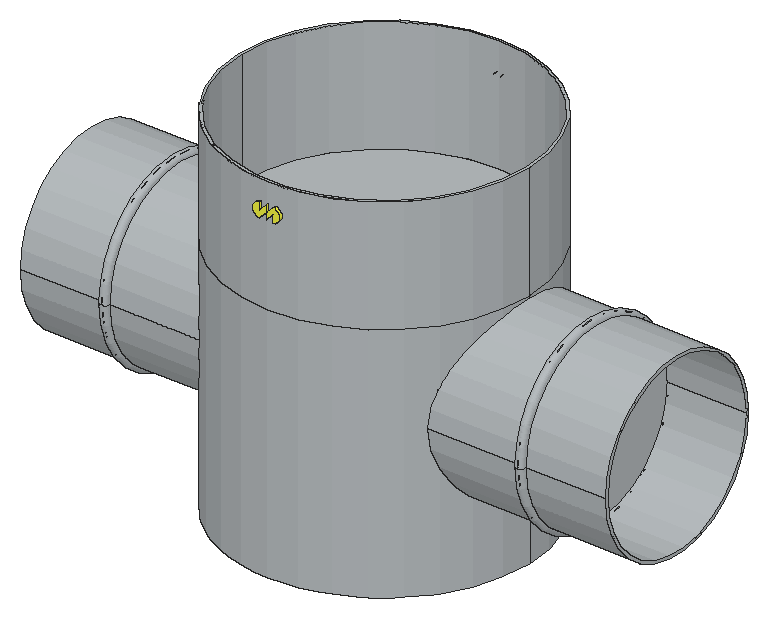
Revit family "NLRS_57_DUF_UN_instortkanaal-instortpot-dubbel_LT_velu", category Duct Fittings, Revit 2020
Family settings
  Round Connector Dimension = Use Diameter
  Part Type = Tee
  Work Plane-Based = No
  Always vertical = Yes
  Cut with Voids When Loaded = No
  Shared = No
Parameters (values of type "d=125, L=50")
  dummy = 1  # constant formula
  VELU_c02_diameter [instance] = VELU_Model_Diameter2 - 2.00 mm  # 125.00 mm
  VELU_c01_diameter [instance] = VELU_Model_Diameter + 2.00 mm  # 80.00 mm
  VELU_Werkendelengte2 [instance] = VELU_Offset1 + VELU_Offset2  # 155.00 mm
  VELU_Werkendelengte [instance] = size_lookup(VELU_Article_Data, "l3", 50.00 mm, VELU_c01_diameter, VELU_c02_diameter, VELU_Koppelbus_Li2)  # 93.00 mm
  VELU_Offset2 [instance] = VELU_Model_Radius + VELU_Koppelbus_Li2  # 90.00 mm
  VELU_Offset1 [instance] = size_lookup(VELU_Article_Data, "l1", VELU_Model_Radius + 15.00 mm, VELU_c01_diameter, VELU_c02_diameter, VELU_Koppelbus_Li2)  # 65.00 mm
  VELU_Model_Radius [instance] = VELU_c01_diameter / 2  # 40.00 mm
  VELU_Model_Diameter2 = 127.00 mm
  VELU_Model_Diameter = 78.00 mm
  VELU_Model [instance] = size_lookup(VELU_Article_Data, "Model", "NB", VELU_c01_diameter, VELU_c02_diameter, VELU_Koppelbus_Li2)  # "VIK IPS 125 80-80 50"
  VELU_Koppelbus_Li2 = 50.00 mm
  VELU_Koppelbus_Li1 [instance] = size_lookup(VELU_Article_Data, "Li1", VELU_c02_diameter / 2 + 15.00 mm, VELU_c01_diameter, VELU_c02_diameter, VELU_Koppelbus_Li2) * dummy  # 35.00 mm
  VELU_Gewicht [instance] = size_lookup(VELU_Article_Data, "kg", 0, VELU_c01_diameter, VELU_c02_diameter, VELU_Koppelbus_Li2) * 1.00 kg / 100  # 0.34 kg
  VELU_Bim-site [instance] = "https://velu.nl/bim"
  VELU_Artikel_code [instance] = size_lookup(VELU_Article_Data, "", "NB", VELU_c01_diameter, VELU_c02_diameter, VELU_Koppelbus_Li2)  # "5110000208"
  VELU_Article_Data = "IPS_Dubbel"  # constant formula
  built-in parameter 1114242 [instance] = 1 = 0  # (empty or 0)
  URL = "https://webshop.velu.nl/overige-woningbouw-componenten/"
  Type Comments = "Enkel geschikt voor VELU instort kanaal maten"  # constant formula
  NLRS_M_c02_diameter [instance] = VELU_c02_diameter  # 125.00 mm
  NLRS_M_c01_diameter [instance] = VELU_c01_diameter  # 80.00 mm
  NLRS_C_model [instance] = VELU_Model  # "VIK IPS 125 80-80 50"
  NLRS_C_description = Description  # "Velu instort kanaal: Instortpot, dubbel"
  NLRS_C_content_versie = "3.20.01"  # constant formula
  NLRS_C_content_provider = "Velu Klimaattechnische Groothandel"  # constant formula
  NLRS_C_content_datum_gewijzigd = "20-01-2023"  # constant formula
  NLRS_C_content_creator = "J. Feeke"  # constant formula
  Model = "VIK IPS dubbel"  # constant formula
  Manufacturer = "Velu Klimaattechnische Groothandel"  # constant formula
  Description = "Velu instort kanaal: Instortpot, dubbel"  # constant formula
  Default Elevation = 0.00 mm
  Assembly Code = "57.00"
Types (7, lengths in mm): name | VELU_Werkendelengte2 | VELU_Offset2 | VELU_Model | VELU_Koppelbus_Li2 | VELU_Gewicht | VELU_Artikel_code | NLRS_C_model
  (no name) | 155.00 | 90.00 | "VIK IPS 125 80-80 50" | 50.00 | 0.34 kg | "5110000208" | "VIK IPS 125 80-80 50"
  d=125, L=50 | 155.00 | 90.00 | "VIK IPS 125 80-80 50" | 50.00 | 0.34 kg | "5110000208" | "VIK IPS 125 80-80 50"
  d=125, L=60 | 165.00 | 100.00 | "VIK IPS 125 80-80 60" | 60.00 | 0.36 kg | "5110000210" | "VIK IPS 125 80-80 60"
  d=125, L=70 | 175.00 | 110.00 | "VIK IPS 125 80-80 70" | 70.00 | 0.43 kg | "5110000212" | "VIK IPS 125 80-80 70"
  d=125, L=80 | 185.00 | 120.00 | "VIK IPS 125 80-80 80" | 80.00 | 0.45 kg | "5110000214" | "VIK IPS 125 80-80 80"
  d=125, L=90 | 195.00 | 130.00 | "VIK IPS 125 80-80 90" | 90.00 | 0.48 kg | "5110000216" | "VIK IPS 125 80-80 90"
  d=125, L=100 | 205.00 | 140.00 | "VIK IPS 125 80-80 100" | 100.00 | 0.50 kg | "5110000206" | "VIK IPS 125 80-80 100"
Reference planes
  plane 1 "Center (Front/Back)": y = 0
  plane 2: z = 0
  plane 3 "Center (Left/Right)": x = 0
  plane 4 "Aanslag_l3": x = -93
  plane 5: z = -40
  plane 6: z = 40
  plane 7 "Top": z = -65
  plane 8: z = 90
  plane 9: y = 63.5
  plane 10: y = -63.5
  plane 11 "Eind_L3": x = 93
Forms (mm)
  Extrusion 1, solid, material "VELU_Label", not visible
    sketch origin (-547.644, -297.937, 0) x (1, 0, 0) y (0, 1, 0)
      loop
        arc (546.644, 298.937) -> (545.644, 297.937) -> (546.644, 296.937) r 1
        line (546.644, 296.937) -> (546.644, 297.937) -> (547.644, 296.937) -> (547.644, 297.937) -> (546.644, 298.937)
    from 0 to 1
  Extrusion 2, solid, material "VELU_Label", not visible
    sketch origin (0, 0, 0) x (1, 0, 0) y (0, 1, 0)
      loop
        arc (1, -1) -> (2, 0) -> (1, 1) r 1
        line (1, 1) -> (1, 0) -> (0, 1) -> (0, 0) -> (1, -1)
    from 0 to 1
  Extrusion 3, solid, material "NLRS_57_sendzimir verzinkt_gen_sacs", detail levels medium+fine
    sketch origin (-93, 0, 0) x (0, 1, 0) y (0, 0, 1)
      loop
        circle (0, 0) r 39
    from 0 to 186
  Sweep 4, solid, material "NLRS_57_sendzimir verzinkt_gen_sacs", detail levels medium+fine
    path in 3D
      loop
        arc (-93, -39, 0) -> (-93, 0, -39) -> (-93, 39, 0) r 39
        arc (-93, 39, 0) -> (-93, 0, 39) -> (-93, -39, 0) r 39
    profile "Insertion_Profile : Insertion_Profile" origin (-93, 0, 39) x (0, 0, 1) y (-1, 0, 0)
      loop
        line (-1, 35) -> (-1, -1) -> (0, -1)
        arc (0, -1) -> (1, -2) -> (0, -3) r 1
        line (0, -3) -> (-1, -3) -> (-1, -4) -> (0, -4)
        arc (0, -4) -> (2, -2) -> (0, 0) r 2
        line (0, 0) -> (0, 35) -> (-1, 35)
  Extrusion 5, solid, material "NLRS_57_sendzimir verzinkt_gen_sacs", detail levels medium+fine
    sketch origin (0, 0, -65) x (-1, 0, 0) y (0, -1, 0)
      loop
        circle (0, 0) r 63.5
    from 0 to 105
  Sweep 6, solid, material "NLRS_57_sendzimir verzinkt_gen_sacs", detail levels medium+fine
    path in 3D
      loop
        arc (63.5, 0, 40) -> (0, -63.5, 40) -> (-63.5, 0, 40) r 63.5
        arc (-63.5, 0, 40) -> (0, 63.5, 40) -> (63.5, 0, 40) r 63.5
    profile "mof : mof" origin (0, 63.5, 40) x (0, 1, 0) y (0, 0, 1)
      loop
        line (-1, 0) -> (0, 0) -> (0, 50) -> (-1, 50) -> (-1, 0)
  Sweep 7, solid, material "NLRS_57_sendzimir verzinkt_gen_sacs", detail levels medium+fine
    path in 3D
      loop
        arc (93, 39, 0) -> (93, 0, -39) -> (93, -39, 0) r 39
        arc (93, -39, 0) -> (93, 0, 39) -> (93, 39, 0) r 39
    profile "Insertion_Profile : Insertion_Profile" origin (93, 0, 39) x (0, 0, 1) y (1, 0, 0)
      loop
        line (-1, 35) -> (-1, -1) -> (0, -1)
        arc (0, -1) -> (1, -2) -> (0, -3) r 1
        line (0, -3) -> (-1, -3) -> (-1, -4) -> (0, -4)
        arc (0, -4) -> (2, -2) -> (0, 0) r 2
        line (0, 0) -> (0, 35) -> (-1, 35)
Cuts and joins
  joined: Extrusion 3, Sweep 4, Extrusion 5, Sweep 6, Sweep 7
Lines and regions (mm)
  sketch lines
    curve 1: arc (-93, 39, 0) -> (-93, 0, 39) -> (-93, -39, 0) r 39
    curve 2: arc (-93, -39, 0) -> (-93, 0, -39) -> (-93, 39, 0) r 39
    curve 3: arc (-63.5, 0, 40) -> (0, 63.5, 40) -> (63.5, 0, 40) r 63.5
    curve 4: arc (63.5, 0, 40) -> (0, -63.5, 40) -> (-63.5, 0, 40) r 63.5
    curve 5: arc (93, -39, 0) -> (93, 0, 39) -> (93, 39, 0) r 39
    curve 6: arc (93, 39, 0) -> (93, 0, -39) -> (93, -39, 0) r 39
  model lines, detail levels coarse
    curve 7: line (-93, 0, 0) -> (93, 0, 0)
    curve 8: line (0, 0, 0) -> (0, 0, 90)
Dimensions and locks
  "VELU_Werkendelengte": plane 4 "Aanslag_l3" to plane 3 "Center (Left/Right)"
  "VELU_Model_Radius": plane 6 to level to plane 5
  equal spacing: plane 9, plane 1 "Center (Front/Back)", plane 10
  "VELU_Model_Diameter2": plane 9 to plane 10
  "VELU_Offset2": plane 8 to level
  "VELU_Offset1": level to plane 7 "Top"
  locked: plane 8 to nested 1 at 11.5
  locked: plane 8 to nested 3 at 11.5
  "VELU_Werkendelengte": plane 3 "Center (Left/Right)" to plane 11 "Eind_L3"
  "VELU_Model_Diameter": diameter of Extrusion 3 sketch curve
  "VELU_Model_Diameter2": diameter of Extrusion 5 sketch curve
  aligned and locked: level to plane 2
  aligned and locked: Extrusion 3 to plane 4 "Aanslag_l3"
  aligned and locked: nested 1 to plane 3 "Center (Left/Right)"
  aligned and locked: plane 3 "Center (Left/Right)" to nested 2
  aligned and locked: plane 1 "Center (Front/Back)" to nested 2
  aligned and locked: plane 9 to nested 1
  aligned and locked: nested 3 to plane 10
  aligned and locked: nested 3 to plane 3 "Center (Left/Right)"
  aligned and locked: plane 3 "Center (Left/Right)" to nested 1
  aligned and locked: plane 6 to cut or joined group of Extrusion 3, Sweep 4, Extrusion 5, Sweep 6, Sweep 7
  aligned and locked: cut or joined group of Extrusion 3, Sweep 4, Extrusion 5, Sweep 6, Sweep 7 to plane 7 "Top"
  aligned and locked: plane 7 "Top" to nested 2
  aligned and locked: plane 11 "Eind_L3" to cut or joined group of Extrusion 3, Sweep 4, Extrusion 5, Sweep 6, Sweep 7
  aligned and locked: plane 4 "Aanslag_l3" to curve 7
  aligned and locked: plane 11 "Eind_L3" to curve 7
  aligned and locked: plane 1 "Center (Front/Back)" to curve 7
  aligned and locked: plane 8 to curve 8
  aligned and locked: level to curve 8
  aligned and locked: plane 3 "Center (Left/Right)" to curve 8
Automatic sketch dimensions
  plane 1 "Center (Front/Back)" to Extrusion 1 sketch curve = 0.00 mm  (x3)
  Extrusion 1 sketch curve to plane 3 "Center (Left/Right)" = 0.00 mm
  Extrusion 1 sketch curve to plane 3 "Center (Left/Right)" = 1.00 mm
  Extrusion 1 sketch curve to Extrusion 1 sketch curve = 1.00 mm  (x2)
  plane 1 "Center (Front/Back)" to Extrusion 2 sketch curve = 0.00 mm  (x3)
  Extrusion 2 sketch curve to plane 3 "Center (Left/Right)" = 0.00 mm
  plane 3 "Center (Left/Right)" to Extrusion 2 sketch curve = 1.00 mm
  Extrusion 2 sketch curve to Extrusion 2 sketch curve = 1.00 mm
  Extrusion 2 sketch curve to Extrusion 2 sketch curve = 0.00 mm
  Extrusion 3 sketch curve to level = 0.00 mm
  Extrusion 3 sketch curve to plane 1 "Center (Front/Back)" = 0.00 mm
  plane 1 "Center (Front/Back)" to Extrusion 5 sketch curve = 0.00 mm
  Extrusion 5 sketch curve to plane 3 "Center (Left/Right)" = 0.00 mm
Nested families
  nested 1: "logo_single" at (0, 63.5, 78.5) x (-1, 0, 0) z (0, 1, 0), type "logo_single", detail levels medium+fine
  nested 2: "logo_single" at (0, 0, -66), type "logo_single", detail levels medium+fine
  nested 3: "logo_single" at (0, -64.5, 78.5) x (-1, 0, 0) z (0, 1, 0), type "logo_single", detail levels medium+fine
Connectors
  hvac at (-93, 0, 0), driven by "NLRS_M_c01_diameter"
    settings: on cut or joined group of Extrusion 3, Sweep 4, Extrusion 5, Sweep 6, Sweep 7, index 1, duct flow 0.0 L/s, flow factor 0, pres drop 0.0 Pa, loss coef 0, conn angle 0.00°, conn width 304.8 mm, conn height 304.8 mm, conn diameter 80 mm, duct sys type 28, conn prof type 0, flow config 0, flow direction 0, loss method 0, conn ref index 2, conn util no, is conn primary yes, conn desc ""
  hvac at (93, 0, 0), driven by "NLRS_M_c01_diameter"
    settings: on cut or joined group of Extrusion 3, Sweep 4, Extrusion 5, Sweep 6, Sweep 7, index 2, duct flow 0.0 L/s, flow factor 0, pres drop 0.0 Pa, loss coef 0, conn angle 0.00°, conn width 304.8 mm, conn height 304.8 mm, conn diameter 80 mm, duct sys type 28, conn prof type 0, flow config 0, flow direction 0, loss method 0, conn ref index 1, conn util no, is conn primary no, conn desc ""
  hvac at (0, 0, 90), driven by "NLRS_M_c02_diameter"
    settings: on cut or joined group of Extrusion 3, Sweep 4, Extrusion 5, Sweep 6, Sweep 7, index 3, duct flow 0.0 L/s, flow factor 0, pres drop 0.0 Pa, loss coef 0, conn angle 90.00°, conn width 304.8 mm, conn height 304.8 mm, conn diameter 125 mm, duct sys type 28, conn prof type 0, flow config 0, flow direction 0, loss method 0, conn ref index -1, conn util no, is conn primary no, conn desc ""
Definition of nested family "logo_single"
  Parameters (values of type "logo_single")
    t = 3.00 mm
    Model = ""
    Description = ""
    Default Elevation = 0.00 mm
  Reference planes
    plane 1 "Center (Front/Back)": y = 0
    plane 2: z = 0
    plane 3 "Center (Left/Right)": x = 0
    plane 4: x = -6
    plane 5: y = -3
    plane 6: y = 3
    plane 7: x = -3
    plane 8: x = 3
    plane 9: x = 6
  Forms (mm)
    Extrusion 1, solid
      sketch origin (-547.644, -297.937, 0) x (1, 0, 0) y (0, 1, 0)
        loop
          arc (544.644, 300.937) -> (541.644, 297.937) -> (544.644, 294.937) r 3
          line (544.644, 294.937) -> (544.644, 297.937) -> (547.644, 294.937) -> (547.644, 297.937) -> (544.644, 300.937)
      from 0 to 1
    Extrusion 2, solid
      sketch origin (0, 0, 0) x (1, 0, 0) y (0, 1, 0)
        loop
          arc (3, -3) -> (6, 0) -> (3, 3) r 3
          line (3, 3) -> (3, 0) -> (0, 3) -> (0, 0) -> (3, -3)
      from 0 to 1
  Dimensions and locks
    "t": plane 6 to plane 1 "Center (Front/Back)"
    "t": plane 5 to plane 1 "Center (Front/Back)"
    "t": plane 4 to plane 7
    "t": plane 7 to plane 3 "Center (Left/Right)"
    "t": plane 3 "Center (Left/Right)" to plane 8
    "t": plane 8 to plane 9
    aligned and locked: level to plane 2
  Automatic sketch dimensions
    plane 1 "Center (Front/Back)" to Extrusion 1 sketch curve = 0.00 mm  (x3)
    Extrusion 1 sketch curve to plane 7 = 0.00 mm
    Extrusion 1 sketch curve to plane 6 = 0.00 mm
    Extrusion 1 sketch curve to plane 3 "Center (Left/Right)" = 0.00 mm
    Extrusion 1 sketch curve to plane 5 = 0.00 mm
    Extrusion 2 sketch curve to plane 3 "Center (Left/Right)" = 0.00 mm
    plane 1 "Center (Front/Back)" to Extrusion 2 sketch curve = 0.00 mm  (x3)
    Extrusion 2 sketch curve to plane 5 = 0.00 mm
    Extrusion 2 sketch curve to plane 8 = 0.00 mm
    Extrusion 2 sketch curve to plane 6 = 0.00 mm
